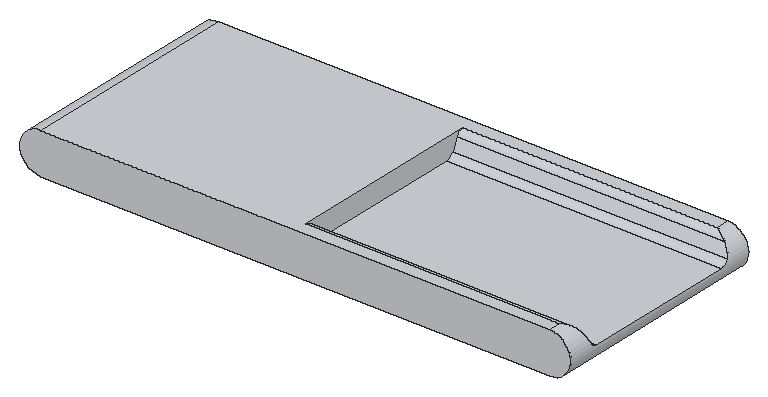
Revit family "LQ6150001_Jabonera Ducha", category Furniture, host Wall, Revit 2019
Family settings
  Host = Wall
  OmniClass Number = 23.31.25.29.11
  OmniClass Title = Hand Soap Holders
  Always vertical = Yes
  Cut with Voids When Loaded = No
  Shared = No
  Room Calculation Point = No
Parameters (values of type "Type 1")
  Uso = "Residencial"  # constant formula
  URL = "https://corona.co/productos/accesorios/jabonera-ducha-liquid/p/LQ6150001"
  Tecnologías = "DuraCrome"  # constant formula
  Resistencia = "Resistente a la corrosión\r\npelado y decoloración por agua\r\nResistencia al peso general hasta 9 kg\r\nResistencia al peso del toallero barra hasta 23 kg"  # constant formula
  Referencia = "LQ6060001"  # constant formula
  Profundidad = 105 mm  # constant formula
  Número de piezas = "6"  # constant formula
  Material = Corona_Niquel
  Manufacturer = "Corona"  # constant formula
  Línea = "Liquid"  # constant formula
  Garantía Acabados = "5 años en acabados"  # constant formula
  Garantía = "30 años en estructura"  # constant formula
  Fecha de creación = "9/10/2020"  # constant formula
  Description = "La jabonera ducha Liquid, galardonada con el premio de diseño internacional Red Dot Design Award, es la mejor forma de modernizar tu baño y darle un toque único, mientras te proporciona seguridad y funcionalidad con una resistencia de hasta 9 kilos de carga. ¡Adquiérela ahora!"  # constant formula
  Creado por = "IDD"  # constant formula
  Componentes = "Percha - Toallero - Jabonera - Barra - Cepillera - Portarrollo"  # constant formula
  Colección = "Liquid"  # constant formula
  Ancho = 260 mm  # constant formula
  Altura = 900 mm
  Alto = 19.5 mm  # constant formula
Reference planes
  plane 1 "Wall": y = 0
  plane 2 "Center (Left/Right)": x = 125
  plane 3 "Back": y = 75
  plane 4: z = 900
  plane 5: x = 255
  plane 6: x = -5
  plane 7: z = 909.75
  plane 8: z = 890.25
  plane 9: y = 180
Text (mm)
  text "Placement Side" at (-1848.837, 1116.779, 0), in view "Ref. Level"
  text "Placement side" at (0, 1409.804, 2854.306), in view "Left"
  text "Placement side" at (0, 499.811, 2980.732), in view "Right"
Dimensions and locks
  locked: plane 3 "Back" to host wall
  equal spacing: plane 8, plane 4, plane 7
  "Alto": plane 8 to plane 7
  equal spacing: plane 6, plane 2 "Center (Left/Right)", plane 5
  "Ancho": plane 6 to plane 5
  "Profundidad": plane 9 to host wall
  plane 4 to plane 8 = 9.75 mm
  "Altura": plane 4 to level
  aligned and locked: plane 1 "Wall" to host wall
  aligned and locked: nested 1 to plane 7
  aligned and locked: nested 3 to plane 7
  aligned and locked: nested 3 to plane 5
  aligned and locked: nested 4 to plane 9
  aligned and locked: nested 4 to plane 5
  aligned and locked: nested 2 to plane 7
  aligned and locked: host wall to nested 2
  aligned and locked: plane 5 to nested 2
Nested families
  nested 1: "Lateral" at (125, 75, 890.25) x (0, -1, 0) z (1, 0, 0), type "Lateral"
  nested 2: "Jabonera" at (-5, 127.5, 890.25), type "Jabonera"
  nested 3: "Frontal" at (255, 0, 890.25) x (-1, 0, 0) z (0, -1, 0), type "Frontal"
  nested 4: "Planta" at (-5, 75, 0), type "Planta"
Definition of nested family "Jabonera"
  Parameters (values of type "Jabonera")
    Profundidad = 105 mm
    Material = none
    Ancho = 260 mm
    Alto = 19.5 mm
  Reference planes
    plane 1 "Center (Front/Back)": y = 0
    plane 2: z = 0
    plane 3 "Center (Left/Right)": x = 0
    plane 4: x = 260
    plane 5: y = 52.5
    plane 6: y = -52.5
    plane 7: z = 19.5
  Forms (mm)
    Extrusion 1, solid, material <- "Material", detail levels coarse
      sketch origin (0, 0, 0) x (1, 0, 0) y (0, 1, 0)
        loop
          line (0, 52.5) -> (0, -52.5) -> (260, -52.5) -> (260, 52.5) -> (0, 52.5)
      from 0 to 19.5
    Extrusion 2, solid, material <- "Material", detail levels medium+fine
      sketch origin (0, 0, 0) x (1, 0, 0) y (0, 0, 1)
        loop
          arc (9.75, 19.5) -> (0, 9.75) -> (9.75, 0) r 9.75
          line (9.75, 0) -> (250.25, 0)
          arc (250.25, 0) -> (260, 9.75) -> (250.25, 19.5) r 9.75
          line (250.25, 19.5) -> (9.75, 19.5)
      from -52.5 to 52.5
    Extrusion 3, void
      sketch origin (0, 0, 0) x (0, 1, 0) y (0, 0, 1)
        loop
          line (-36.827, 9.75) -> (36.827, 9.75)
          arc (36.827, 9.75) -> (38.976, 10.376) -> (40.452, 12.06) r 4
          line (40.452, 12.06) -> (42.845, 17.19)
          arc (42.845, 17.19) -> (44.321, 18.874) -> (46.47, 19.5) r 4
          line (46.47, 19.5) -> (-46.47, 19.5)
          arc (-46.47, 19.5) -> (-44.321, 18.874) -> (-42.845, 17.19) r 4
          line (-42.845, 17.19) -> (-40.452, 12.06)
          arc (-40.452, 12.06) -> (-38.976, 10.376) -> (-36.827, 9.75) r 4
      from 130 to 260
  Cuts and joins
    Extrusion 3 cuts Extrusion 2
  Dimensions and locks
    equal spacing: plane 5, plane 1 "Center (Front/Back)", plane 6
    "Profundidad": plane 5 to plane 6
    "Ancho": plane 3 "Center (Left/Right)" to plane 4
    "Alto": plane 7 to level
    aligned and locked: level to plane 2
    aligned and locked: Extrusion 1 sketch curve to plane 5
    aligned and locked: plane 4 to Extrusion 1 sketch curve
    aligned and locked: Extrusion 1 sketch curve to plane 6
    aligned and locked: Extrusion 1 to plane 7
    aligned and locked: Extrusion 2 to plane 5
    aligned and locked: Extrusion 3 to plane 4
  Automatic sketch dimensions
    Extrusion 1 sketch curve to plane 3 "Center (Left/Right)" = 0 mm
    Extrusion 2 sketch curve to plane 7 = 0 mm
    plane 3 "Center (Left/Right)" to Extrusion 2 sketch curve = 9.75 mm
    plane 4 to Extrusion 2 sketch curve = 9.75 mm
    Extrusion 2 sketch curve to level = 0 mm
    Extrusion 3 sketch curve to plane 7 = 0 mm
    plane 6 to Extrusion 3 sketch curve = 6.03 mm
    Extrusion 3 sketch curve to plane 7 = 2.31 mm  (x2)
    Extrusion 3 sketch curve to Extrusion 3 sketch curve = 3.625 mm  (x4)
    Extrusion 3 sketch curve to plane 7 = 7.44 mm  (x2)
    Extrusion 3 sketch curve to Extrusion 3 sketch curve = 2.393 mm  (x2)
    Extrusion 3 sketch curve to plane 5 = 15.673 mm
    Extrusion 3 sketch curve to Extrusion 3 sketch curve = 2.31 mm
    Extrusion 3 sketch curve to Extrusion 3 sketch curve = 0 mm
Definition of nested family "Lateral"
  Reference planes
    plane 1 "Center (Front/Back)": y = 0
    plane 2: z = 0
    plane 3 "Center (Left/Right)": x = 0
    plane 4: y = 19.5
    plane 5: x = -105
  Lines and regions (mm)
    detail lines, in view "Ref. Level"
      curve 1: line (0, 0, 0) -> (-98, 0, 0)
      curve 2: line (0, 19.5, 0) -> (0, 0, 0)
      curve 3: line (-98, 19.5, 0) -> (0, 19.5, 0)
      curve 4: line (-105, 7, 0) -> (-105, 12.5, 0)
      curve 5: arc (-98, 0, 0) -> (-102.95, 2.05, 0) -> (-105, 7, 0) r 7
      curve 6: arc (-105, 12.5, 0) -> (-102.95, 17.45, 0) -> (-98, 19.5, 0) r 7
      curve 7: line (-84.897, 11, 0) -> (-20.103, 11, 0)
      curve 8: line (-88.993, 13.132, 0) -> (-93.452, 19.5, 0)
      curve 9: line (-16.007, 13.132, 0) -> (-11.548, 19.5, 0)
      curve 10: arc (-88.993, 13.132, 0) -> (-87.206, 11.565, 0) -> (-84.897, 11, 0) r 5
      curve 11: arc (-20.103, 11, 0) -> (-17.794, 11.565, 0) -> (-16.007, 13.132, 0) r 5
  Dimensions and locks
    aligned and locked: curve 1 to plane 1 "Center (Front/Back)"
    aligned and locked: curve 2 to plane 3 "Center (Left/Right)"
    aligned and locked: curve 3 to plane 4
    aligned and locked: plane 5 to curve 4
Definition of nested family "Frontal"
  Reference planes
    plane 1 "Center (Front/Back)": y = 0
    plane 2: z = 0
    plane 3 "Center (Left/Right)": x = 0
    plane 4: x = 260
    plane 5: y = 19.5
  Lines and regions (mm)
    detail lines, in view "Ref. Level"
      curve 1: line (252, 0, 0) -> (8, 0, 0)
      curve 2: line (260, 11.5, 0) -> (260, 8, 0)
      curve 3: line (8, 19.5, 0) -> (252, 19.5, 0)
      curve 4: line (0, 8, 0) -> (0, 11.5, 0)
      curve 5: arc (0, 11.5, 0) -> (2.343, 17.157, 0) -> (8, 19.5, 0) r 8
      curve 6: arc (252, 19.5, 0) -> (257.657, 17.157, 0) -> (260, 11.5, 0) r 8
      curve 7: arc (8, 0, 0) -> (2.343, 2.343, 0) -> (0, 8, 0) r 8
      curve 8: arc (260, 8, 0) -> (257.657, 2.343, 0) -> (252, 0, 0) r 8
  Dimensions and locks
    aligned and locked: curve 3 to plane 5
    aligned and locked: curve 2 to plane 4
Definition of nested family "Planta"
  Reference planes
    plane 1 "Center (Front/Back)": y = 0
    plane 2: z = 0
    plane 3 "Center (Left/Right)": x = 0
    plane 4: x = 260
    plane 5: y = 105
  Lines and regions (mm)
    detail lines, in view "Ref. Level"
      curve 1: line (0, 105, 0) -> (260, 105, 0)
      curve 2: line (0, 0, 0) -> (0, 105, 0)
      curve 3: line (260, 0, 0) -> (0, 0, 0)
      curve 4: line (260, 105, 0) -> (260, 0, 0)
      curve 5: line (260, 90, 0) -> (130, 90, 0)
      curve 6: line (130, 15, 0) -> (260, 15, 0)
      curve 7: line (130, 90, 0) -> (130, 15, 0)
